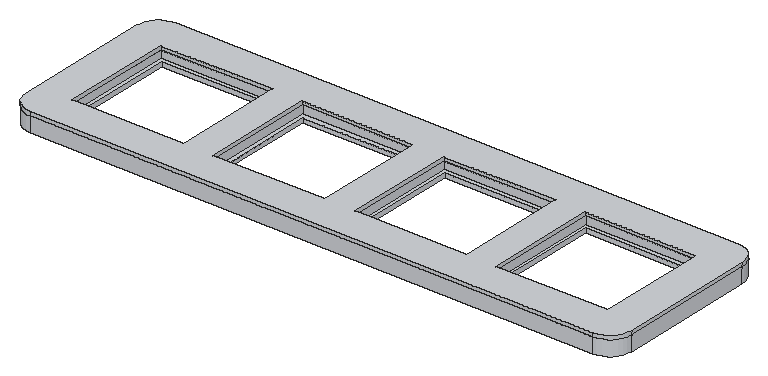
Revit family "Gira_0214422", category Electrical Fixtures, host Face, Revit 2017
Family settings
  Host = Face
  Maintain Annotation Orientation = No
  Round Connector Dimension = Use Diameter
  Part Type = Normal
  Cut with Voids When Loaded = No
  Shared = No
  Room Calculation Point = No
Parameters (values of type "Cov.fr. 4-g Gira E3 grey/anthra.")
  URL = "http://katalog.gira.de/en/datenblatt.html?artikelnr=0214422"
  Transparent = "No"
  Name = "Cov.fr. 4-g Gira E3 grey/anthra."
  Manufacturer URL = "https://www.gira.de/"
  Manufacturer = "Gira"
  Keynote = ""
  HeinzeBIM = "https://bimportal.heinze.de/bim/cov-fr-4-g-gira-e3-grey-anthra-/0a8a4cfe1de2bd86fa78b039f6e070bfb4629d03"
  HAN = "0214422"
  GTIN = "4010337023982"
  Description = "Cov.fr.4g E3 GyAn,Gira E3 cover frame,grey soft touch with anthracite intermediate frame,4-gang,Features:,- Shatter-proof.,,Notes :,- Soft-touch surface,- NCS value: approx. NCS S 3500-N"
  Default Elevation = 1219.2 mm
  Data sheet (1) = "https://katalog.gira.de/en/download.html?artikelnr=0214422"
  Category = "Cover frame for domestic switching devices"
  BIM (1) = "https://media.stage.bim.site/public/gira/36a6b08/E3_Rahmen_4fach.rfa"
  Available = "No"
Reference planes
  plane 1 "Center (Front/Back)": y = 0
  plane 2: z = 0
  plane 3 "Center (Left/Right)": x = 0
Forms (mm)
  Extrusion 1, solid, detail levels fine
    sketch origin (0, 0, 0) x (1, 0, 0) y (0, 1, 0)
      loop
        arc (-141.75, 45.809) -> (-149.535, 42.585) -> (-152.759, 34.8) r 11.009
        line (-152.759, 34.8) -> (-152.759, -34.8)
        arc (-152.759, -34.8) -> (-149.535, -42.585) -> (-141.75, -45.809) r 11.009
        line (-141.75, -45.809) -> (141.75, -45.809)
        arc (141.75, -45.809) -> (149.535, -42.585) -> (152.759, -34.8) r 11.009
        line (152.759, -34.8) -> (152.759, 34.8)
        arc (152.759, 34.8) -> (149.535, 42.585) -> (141.75, 45.809) r 11.009
        line (141.75, 45.809) -> (-141.75, 45.809)
      loop
        line (-78.85, 28.187) -> (-135.106, 28.187) -> (-135.106, -28.187) -> (-78.85, -28.187) -> (-78.85, 28.187)
      loop
        line (-63.95, 28.187) -> (-63.95, -28.187) -> (-7.695, -28.187) -> (-7.695, 28.187) -> (-63.95, 28.187)
      loop
        line (78.85, 28.187) -> (78.85, -28.187) -> (135.106, -28.187) -> (135.106, 28.187) -> (78.85, 28.187)
      loop
        line (63.95, 28.187) -> (7.695, 28.187) -> (7.695, -28.187) -> (63.95, -28.187) -> (63.95, 28.187)
    from 7.65 to 9.5
  Extrusion 2, solid, detail levels fine
    sketch origin (-107.15, 0, 0) x (1, 0, 0) y (0, 1, 0)
      loop
        line (26.1, 25.7) -> (-25.7, 25.7) -> (-25.7, -25.7) -> (26.1, -25.7) -> (26.1, 25.7)
      loop
        line (-28.187, -28.156) -> (28.187, -28.156) -> (28.187, 28.156) -> (-28.187, 28.156) -> (-28.187, -28.156)
    from 1.65 to 3.9
  Extrusion 3, solid, detail levels fine
    sketch origin (0, 0, 0) x (1, 0, 0) y (0, 1, 0)
      loop
        arc (-141.75, 45.809) -> (-149.535, 42.585) -> (-152.759, 34.8) r 11.009
        line (-152.759, 34.8) -> (-152.759, -34.8)
        arc (-152.759, -34.8) -> (-149.535, -42.585) -> (-141.75, -45.809) r 11.009
        line (-141.75, -45.809) -> (141.75, -45.809)
        arc (141.75, -45.809) -> (149.535, -42.585) -> (152.759, -34.8) r 11.009
        line (152.759, -34.8) -> (152.759, 34.8)
        arc (152.759, 34.8) -> (149.535, 42.585) -> (141.75, 45.809) r 11.009
        line (141.75, 45.809) -> (-141.75, 45.809)
      loop
        line (-150.793, 34.785) -> (-150.793, -34.785)
        arc (-150.793, -34.785) -> (-148.14, -41.19) -> (-141.735, -43.843) r 9.058
        line (-141.735, -43.843) -> (141.735, -43.843)
        arc (141.735, -43.843) -> (148.14, -41.19) -> (150.793, -34.785) r 9.058
        line (150.793, -34.785) -> (150.793, 34.785)
        arc (150.793, 34.785) -> (148.14, 41.19) -> (141.735, 43.843) r 9.058
        line (141.735, 43.843) -> (-141.735, 43.843)
        arc (-141.735, 43.843) -> (-148.14, 41.19) -> (-150.793, 34.785) r 9.058
    from 0 to 7.65
  Extrusion 4, solid, detail levels fine
    sketch origin (-35.75, 0, 0) x (1, 0, 0) y (0, 1, 0)
      loop
        line (-98.606, -31.075) -> (170.105, -31.075)
        arc (170.105, -31.075) -> (172.749, -29.98) -> (173.844, -27.337) r 3.739
        line (173.844, -27.337) -> (173.844, 27.337)
        arc (173.844, 27.337) -> (172.749, 29.98) -> (170.105, 31.075) r 3.739
        line (170.105, 31.075) -> (-98.606, 31.075)
        arc (-98.606, 31.075) -> (-101.249, 29.98) -> (-102.344, 27.337) r 3.739
        line (-102.344, 27.337) -> (-102.344, -27.337)
        arc (-102.344, -27.337) -> (-101.249, -29.98) -> (-98.606, -31.075) r 3.739
      loop
        line (-101.194, 27.537) -> (-101.194, -27.537)
        arc (-101.194, -27.537) -> (-100.495, -29.226) -> (-98.806, -29.925) r 2.389
        line (-98.806, -29.925) -> (170.305, -29.925)
        arc (170.305, -29.925) -> (171.994, -29.226) -> (172.694, -27.537) r 2.389
        line (172.694, -27.537) -> (172.694, 27.537)
        arc (172.694, 27.537) -> (171.994, 29.226) -> (170.305, 29.925) r 2.389
        line (170.305, 29.925) -> (-98.806, 29.925)
        arc (-98.806, 29.925) -> (-100.495, 29.226) -> (-101.194, 27.537) r 2.389
    from 1.65 to 7.65
  Extrusion 5, solid, detail levels fine
    sketch origin (0, 0, 0) x (1, 0, 0) y (0, 1, 0)
      loop
        line (-139.017, -39.8) -> (139.017, -39.8)
        arc (139.017, -39.8) -> (144.632, -36.708) -> (146.864, -30.7) r 9.2
        line (146.864, -30.7) -> (146.864, 30.7)
        arc (146.864, 30.7) -> (144.17, 37.205) -> (137.664, 39.9) r 9.2
        line (137.664, 39.9) -> (-137.664, 39.9)
        arc (-137.664, 39.9) -> (-144.17, 37.205) -> (-146.864, 30.7) r 9.2
        line (-146.864, 30.7) -> (-146.864, -30.7)
        arc (-146.864, -30.7) -> (-144.632, -36.708) -> (-139.017, -39.8) r 9.2
      loop
        line (-137.664, -31.7) -> (137.664, -31.7)
        arc (137.664, -31.7) -> (138.372, -31.407) -> (138.664, -30.7) r 1
        line (138.664, -30.7) -> (138.664, 30.7)
        arc (138.664, 30.7) -> (138.372, 31.407) -> (137.664, 31.7) r 1
        line (137.664, 31.7) -> (-137.664, 31.7)
        arc (-137.664, 31.7) -> (-138.372, 31.407) -> (-138.664, 30.7) r 1
        line (-138.664, 30.7) -> (-138.664, -30.7)
        arc (-138.664, -30.7) -> (-138.372, -31.407) -> (-137.664, -31.7) r 1
    from 1.65 to 3.9
  Extrusion 6, solid, detail levels fine
    sketch origin (-107.15, 0, 0) x (1, 0, 0) y (0, 1, 0)
      loop
        line (-28.187, 28.156) -> (-28.187, -28.156) -> (28.187, -28.156) -> (28.187, 28.156) -> (-28.187, 28.156)
      loop
        line (-29.925, 29.925) -> (-29.925, -29.925) -> (29.925, -29.925) -> (29.925, 29.925) -> (-29.925, 29.925)
    from 1.65 to 7.65
  Extrusion 7, solid, detail levels coarse+medium
    sketch origin (0, 0, 0) x (1, 0, 0) y (0, 1, 0)
      loop
        line (-152.759, 45.809) -> (-152.759, -45.809) -> (152.759, -45.809) -> (152.759, 45.809) -> (-152.759, 45.809)
    from 0 to 9.5
  Extrusion 8, solid, detail levels fine
    sketch origin (-35.65, 0, 0) x (-1, 0, 0) y (0, -1, 0)
      loop
        line (25.9, -25.7) -> (25.9, 25.7) -> (-25.9, 25.7) -> (-25.9, -25.7) -> (25.9, -25.7)
      loop
        line (-28.187, 28.156) -> (-28.187, -28.156) -> (28.187, -28.156) -> (28.187, 28.156) -> (-28.187, 28.156)
    from 1.65 to 3.9
  Extrusion 9, solid, detail levels fine
    sketch origin (-35.65, 0, 0) x (-1, 0, 0) y (0, -1, 0)
      loop
        line (-28.187, -28.156) -> (28.187, -28.156) -> (28.187, 28.156) -> (-28.187, 28.156) -> (-28.187, -28.156)
      loop
        line (-29.925, -29.925) -> (29.925, -29.925) -> (29.925, 29.925) -> (-29.925, 29.925) -> (-29.925, -29.925)
    from 1.65 to 7.65
  Extrusion 10, solid, detail levels fine
    sketch origin (35.85, 0, 0) x (-1, 0, 0) y (0, -1, 0)
      loop
        line (26.1, -25.7) -> (26.1, 25.7) -> (-25.7, 25.7) -> (-25.7, -25.7) -> (26.1, -25.7)
      loop
        line (-28.187, 28.156) -> (-28.187, -28.156) -> (28.187, -28.156) -> (28.187, 28.156) -> (-28.187, 28.156)
    from 1.65 to 3.9
  Extrusion 11, solid, detail levels fine
    sketch origin (35.85, 0, 0) x (-1, 0, 0) y (0, -1, 0)
      loop
        line (-28.187, -28.156) -> (28.187, -28.156) -> (28.187, 28.156) -> (-28.187, 28.156) -> (-28.187, -28.156)
      loop
        line (-29.925, -29.925) -> (29.925, -29.925) -> (29.925, 29.925) -> (-29.925, 29.925) -> (-29.925, -29.925)
    from 1.65 to 7.65
  Extrusion 12, solid, detail levels fine
    sketch origin (107.15, 0, 0) x (-1, 0, 0) y (0, -1, 0)
      loop
        line (26.1, -25.7) -> (26.1, 25.7) -> (-25.7, 25.7) -> (-25.7, -25.7) -> (26.1, -25.7)
      loop
        line (-28.187, 28.156) -> (-28.187, -28.156) -> (28.187, -28.156) -> (28.187, 28.156) -> (-28.187, 28.156)
    from 1.65 to 3.9
  Extrusion 13, solid, detail levels fine
    sketch origin (107.15, 0, 0) x (-1, 0, 0) y (0, -1, 0)
      loop
        line (-28.187, -28.156) -> (28.187, -28.156) -> (28.187, 28.156) -> (-28.187, 28.156) -> (-28.187, -28.156)
      loop
        line (-29.925, -29.925) -> (29.925, -29.925) -> (29.925, 29.925) -> (-29.925, 29.925) -> (-29.925, -29.925)
    from 1.65 to 7.65
Dimensions and locks
  aligned and locked: plane 2 to host face
  aligned and locked: level to host face
